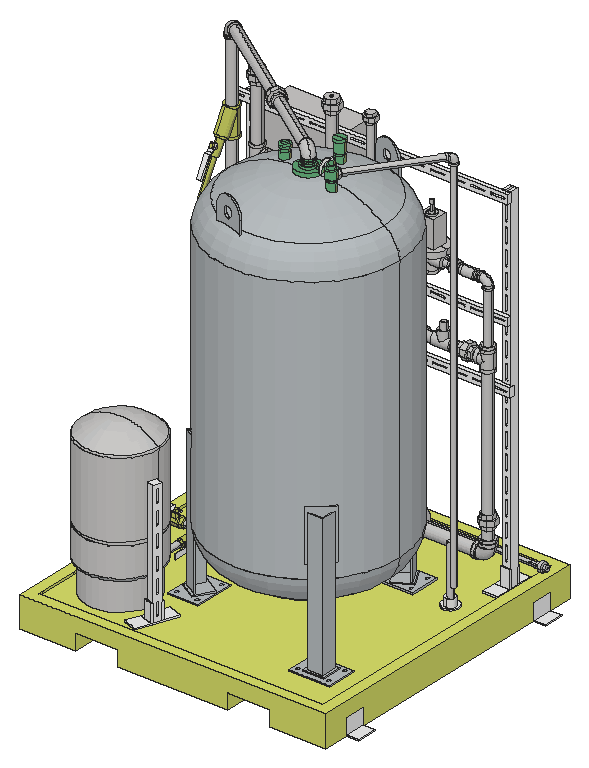
Revit family "Water_Heater-Haws_Corporation-Enclosed_Emergency_Environments_8780", category Plumbing Fixtures, Revit 2018 (continued)
Forms (mm)
  Revolve 34, solid, material "Metal - Haws Corporation - Galvanized Steel" <- "Tubing"
    sketch origin (-363.383, 590.067, 2032) x (-1, 0, 0) y (0, 0, 1)
      axis (-47.799, -860.171) -> (-790.228, -860.171)
    angle from 0 to 360
  Revolve 35, solid, material "Metal - Haws Corporation - Galvanized Steel"
    sketch origin (-363.383, 590.067, 2032) x (-1, 0, 0) y (0, 0, 1)
      loop
        line (-585.497, -468.277) -> (-570.511, -468.277) -> (-570.511, -476.339) -> (-508.535, -476.339) -> (-508.535, -441.754) -> (-585.497, -441.754) -> (-585.497, -468.277)
      loop
        line (-508.535, -308.15) -> (-508.535, -245.834) -> (-516.213, -245.834) -> (-516.213, -261.074) -> (-514.441, -261.074) -> (-514.441, -294.787) -> (-518.764, -294.787) -> (-518.764, -303.426) -> (-532.157, -303.426) -> (-532.157, -308.15) -> (-508.535, -308.15)
      loop
        line (-508.535, -507.595) -> (-535.83, -507.595) -> (-535.83, -552.045) -> (-540.16, -552.045) -> (-540.16, -562.826) -> (-508.535, -562.826) -> (-508.535, -507.595)
      axis (-508.535, -562.826) -> (-508.535, -245.834)
    angle from 0 to 360
  Extrusion 36, solid, material "Metal - Haws Corporation - Galvanized Steel"
    sketch origin (-363.383, 590.067, 2032) x (-1, 0, 0) y (0, 0, 1)
      loop
        line (-547.905, -308.15) -> (-547.905, -441.754) -> (-469.165, -441.754) -> (-469.165, -308.15) -> (-547.905, -308.15)
    from -39.369 to 39.371
  Revolve 37, solid, material "Metal - Haws Corporation - Galvanized Steel" <- "Tubing"
    sketch origin (-363.383, 590.067, 2032) x (-1, 0, 0) y (0, 0, 1)
      loop
        line (-567.978, -771.589) -> (-581.881, -771.589) -> (-581.881, -804.609) -> (-593.822, -804.609) -> (-593.822, -853.821) -> (-567.978, -853.821) -> (-567.978, -771.589)
      axis (-567.978, -853.821) -> (-567.978, -771.589)
    angle from 0 to 360
  Revolve 38, solid, material "Metal - Haws Corporation - Galvanized Steel" <- "Tubing"
    sketch origin (-363.383, 590.067, 2032) x (-1, 0, 0) y (0, 0, 1)
      loop
        line (490.579, 146.526) -> (490.579, -164.757) -> (514.703, -164.757) -> (514.703, 136.868) -> (520.118, 136.868)
        arc (520.118, 136.868) -> (521.04, 137.25) -> (521.422, 138.172) r 1.304
        line (521.422, 138.172) -> (521.422, 145.274)
        arc (521.422, 145.274) -> (521.055, 146.159) -> (520.17, 146.526) r 1.252
        line (520.17, 146.526) -> (490.579, 146.526)
      loop
        line (490.579, -1090.232) -> (514.703, -1090.232) -> (514.703, -310.807) -> (490.579, -310.807) -> (490.579, -1090.232)
      loop
        line (490.579, -1160.082) -> (490.579, -1182.506) -> (520.536, -1182.506)
        arc (520.536, -1182.506) -> (521.25, -1181.958) -> (521.52, -1181.1) r 1.496
        line (521.52, -1181.1) -> (521.52, -1174.131)
        arc (521.52, -1174.131) -> (521.243, -1173.291) -> (520.52, -1172.782) r 1.41
        line (520.52, -1172.782) -> (514.781, -1172.782) -> (514.781, -1160.082) -> (490.579, -1160.082)
      axis (490.579, -1182.506) -> (490.579, 146.526)
    angle from 0 to 360
  Extrusion 39, solid, material "Metal - Haws Corporation - High Polished Stainless Steel" <- "Socket"
    sketch origin (-727.273, 590.616, 2002.993) x (0, 1, 0) y (-1, 0, 0)
      loop
        line (9.448, 40.793) -> (-22.32, 35.382) -> (-40.957, 9.094) -> (-35.546, -22.674) -> (-9.258, -41.311) -> (22.51, -35.9) -> (41.147, -9.612) -> (35.736, 22.156) -> (9.448, 40.793)
    from 22.016 to 47.924
  Extrusion 40, solid, material "Metal - Haws Corporation - High Polished Stainless Steel" <- "Socket"
    sketch origin (-727.273, 590.616, 2028.903) x (0, 1, 0) y (-1, 0, 0)
      loop
        line (-16.73, 26.667) -> (-30.841, 6.883) -> (-26.831, -17.084) -> (-7.047, -31.195) -> (16.92, -27.185) -> (31.031, -7.401) -> (27.021, 16.566) -> (7.237, 30.677) -> (-16.73, 26.667)
    from 22.014 to 44.118
  Extrusion 41, solid, material "Metal - Haws Corporation - High Polished Stainless Steel" <- "Socket"
    sketch origin (-727.273, 590.616, 1980.891) x (0, 1, 0) y (-1, 0, 0)
      loop
        line (-16.73, 26.667) -> (-30.841, 6.883) -> (-26.831, -17.084) -> (-7.047, -31.195) -> (16.92, -27.185) -> (31.031, -7.401) -> (27.021, 16.566) -> (7.237, 30.677) -> (-16.73, 26.667)
    from 22.014 to 44.118
  Extrusion 42, solid, material "Metal - Haws Corporation - High Polished Stainless Steel" <- "Socket"
    sketch origin (-353.575, 590.616, 2002.993) x (0, 1, 0) y (-1, 0, 0)
      loop
        line (9.448, 40.793) -> (-22.32, 35.382) -> (-40.957, 9.094) -> (-35.546, -22.674) -> (-9.258, -41.311) -> (22.51, -35.9) -> (41.147, -9.612) -> (35.736, 22.156) -> (9.448, 40.793)
    from 22.016 to 47.924
  Extrusion 43, solid, material "Metal - Haws Corporation - High Polished Stainless Steel" <- "Socket"
    sketch origin (-353.575, 590.616, 2028.903) x (0, 1, 0) y (-1, 0, 0)
      loop
        line (-16.73, 26.667) -> (-30.841, 6.883) -> (-26.831, -17.084) -> (-7.047, -31.195) -> (16.92, -27.185) -> (31.031, -7.401) -> (27.021, 16.566) -> (7.237, 30.677) -> (-16.73, 26.667)
    from 22.014 to 44.118
  Extrusion 44, solid, material "Metal - Haws Corporation - High Polished Stainless Steel" <- "Socket"
    sketch origin (-353.575, 590.616, 1980.891) x (0, 1, 0) y (-1, 0, 0)
      loop
        line (-16.73, 26.667) -> (-30.841, 6.883) -> (-26.831, -17.084) -> (-7.047, -31.195) -> (16.92, -27.185) -> (31.031, -7.401) -> (27.021, 16.566) -> (7.237, 30.677) -> (-16.73, 26.667)
    from 22.014 to 44.118
  Extrusion 45, solid, material "Metal - Haws Corporation - High Polished Stainless Steel" <- "Socket"
    sketch origin (-846.318, 740.218, 525.539) x (0.19866, 0.980068, 0) y (-0.980068, 0.19866, 0)
      loop
        line (9.448, 40.793) -> (-22.32, 35.382) -> (-40.957, 9.094) -> (-35.546, -22.674) -> (-9.258, -41.311) -> (22.51, -35.9) -> (41.147, -9.612) -> (35.736, 22.156) -> (9.448, 40.793)
    from 22.016 to 47.924
  Extrusion 46, solid, material "Metal - Haws Corporation - High Polished Stainless Steel" <- "Socket"
    sketch origin (-846.318, 740.218, 551.449) x (0.19866, 0.980068, 0) y (-0.980068, 0.19866, 0)
      loop
        line (-16.73, 26.667) -> (-30.841, 6.883) -> (-26.831, -17.084) -> (-7.047, -31.195) -> (16.92, -27.185) -> (31.031, -7.401) -> (27.021, 16.566) -> (7.237, 30.677) -> (-16.73, 26.667)
    from 22.014 to 44.118
  Extrusion 47, solid, material "Metal - Haws Corporation - High Polished Stainless Steel" <- "Socket"
    sketch origin (-846.318, 740.218, 503.436) x (0.19866, 0.980068, 0) y (-0.980068, 0.19866, 0)
      loop
        line (-16.73, 26.667) -> (-30.841, 6.883) -> (-26.831, -17.084) -> (-7.047, -31.195) -> (16.92, -27.185) -> (31.031, -7.401) -> (27.021, 16.566) -> (7.237, 30.677) -> (-16.73, 26.667)
    from 22.014 to 44.118
  Extrusion 48, solid, material "Metal - Haws Corporation - High Polished Stainless Steel" <- "Socket"
    sketch origin (-846.972, 740.502, 1024.141) x (0.181964, 0.983305, 0) y (-0.983305, 0.181964, 0)
      loop
        line (9.448, 40.793) -> (-22.32, 35.382) -> (-40.957, 9.094) -> (-35.546, -22.674) -> (-9.258, -41.311) -> (22.51, -35.9) -> (41.147, -9.612) -> (35.736, 22.156) -> (9.448, 40.793)
    from 22.016 to 47.924
  Extrusion 49, solid, material "Metal - Haws Corporation - High Polished Stainless Steel" <- "Socket"
    sketch origin (-846.972, 740.502, 1050.051) x (0.181964, 0.983305, 0) y (-0.983305, 0.181964, 0)
      loop
        line (-16.73, 26.667) -> (-30.841, 6.883) -> (-26.831, -17.084) -> (-7.047, -31.195) -> (16.92, -27.185) -> (31.031, -7.401) -> (27.021, 16.566) -> (7.237, 30.677) -> (-16.73, 26.667)
    from 22.014 to 44.118
  Extrusion 50, solid, material "Metal - Haws Corporation - High Polished Stainless Steel" <- "Socket"
    sketch origin (-846.972, 740.502, 1002.038) x (0.181964, 0.983305, 0) y (-0.983305, 0.181964, 0)
      loop
        line (-16.73, 26.667) -> (-30.841, 6.883) -> (-26.831, -17.084) -> (-7.047, -31.195) -> (16.92, -27.185) -> (31.031, -7.401) -> (27.021, 16.566) -> (7.237, 30.677) -> (-16.73, 26.667)
    from 22.014 to 44.118
  Extrusion 51, solid, material "Metal - Haws Corporation - High Polished Stainless Steel" <- "Socket"
    sketch origin (-726.729, 740.218, 525.539) x (0.19866, 0.980068, 0) y (-0.980068, 0.19866, 0)
      loop
        line (9.448, 40.793) -> (-22.32, 35.382) -> (-40.957, 9.094) -> (-35.546, -22.674) -> (-9.258, -41.311) -> (22.51, -35.9) -> (41.147, -9.612) -> (35.736, 22.156) -> (9.448, 40.793)
    from 22.016 to 47.924
  Extrusion 52, solid, material "Metal - Haws Corporation - High Polished Stainless Steel" <- "Socket"
    sketch origin (-726.729, 740.218, 551.449) x (0.19866, 0.980068, 0) y (-0.980068, 0.19866, 0)
      loop
        line (-16.73, 26.667) -> (-30.841, 6.883) -> (-26.831, -17.084) -> (-7.047, -31.195) -> (16.92, -27.185) -> (31.031, -7.401) -> (27.021, 16.566) -> (7.237, 30.677) -> (-16.73, 26.667)
    from 22.014 to 44.118
  Extrusion 53, solid, material "Metal - Haws Corporation - High Polished Stainless Steel" <- "Socket"
    sketch origin (-726.729, 740.218, 503.436) x (0.19866, 0.980068, 0) y (-0.980068, 0.19866, 0)
      loop
        line (-16.73, 26.667) -> (-30.841, 6.883) -> (-26.831, -17.084) -> (-7.047, -31.195) -> (16.92, -27.185) -> (31.031, -7.401) -> (27.021, 16.566) -> (7.237, 30.677) -> (-16.73, 26.667)
    from 22.014 to 44.118
  Extrusion 54, solid, material "Metal - Haws Corporation - High Polished Stainless Steel" <- "Socket"
    sketch origin (-727.383, 740.502, 1024.141) x (0.181964, 0.983305, 0) y (-0.983305, 0.181964, 0)
      loop
        line (9.448, 40.793) -> (-22.32, 35.382) -> (-40.957, 9.094) -> (-35.546, -22.674) -> (-9.258, -41.311) -> (22.51, -35.9) -> (41.147, -9.612) -> (35.736, 22.156) -> (9.448, 40.793)
    from 22.016 to 47.924
  Extrusion 55, solid, material "Metal - Haws Corporation - High Polished Stainless Steel" <- "Socket"
    sketch origin (-727.383, 740.502, 1050.051) x (0.181964, 0.983305, 0) y (-0.983305, 0.181964, 0)
      loop
        line (-16.73, 26.667) -> (-30.841, 6.883) -> (-26.831, -17.084) -> (-7.047, -31.195) -> (16.92, -27.185) -> (31.031, -7.401) -> (27.021, 16.566) -> (7.237, 30.677) -> (-16.73, 26.667)
    from 22.014 to 44.118
  Extrusion 56, solid, material "Metal - Haws Corporation - High Polished Stainless Steel" <- "Socket"
    sketch origin (-727.383, 740.502, 1002.038) x (0.181964, 0.983305, 0) y (-0.983305, 0.181964, 0)
      loop
        line (-16.73, 26.667) -> (-30.841, 6.883) -> (-26.831, -17.084) -> (-7.047, -31.195) -> (16.92, -27.185) -> (31.031, -7.401) -> (27.021, 16.566) -> (7.237, 30.677) -> (-16.73, 26.667)
    from 22.014 to 44.118
  Extrusion 57, solid, material "Metal - Haws Corporation - High Polished Stainless Steel" <- "Socket"
    sketch origin (-599.729, 740.218, 525.539) x (0.19866, 0.980068, 0) y (-0.980068, 0.19866, 0)
      loop
        line (9.448, 40.793) -> (-22.32, 35.382) -> (-40.957, 9.094) -> (-35.546, -22.674) -> (-9.258, -41.311) -> (22.51, -35.9) -> (41.147, -9.612) -> (35.736, 22.156) -> (9.448, 40.793)
    from 22.016 to 47.924
  Extrusion 58, solid, material "Metal - Haws Corporation - High Polished Stainless Steel" <- "Socket"
    sketch origin (-599.729, 740.218, 551.449) x (0.19866, 0.980068, 0) y (-0.980068, 0.19866, 0)
      loop
        line (-16.73, 26.667) -> (-30.841, 6.883) -> (-26.831, -17.084) -> (-7.047, -31.195) -> (16.92, -27.185) -> (31.031, -7.401) -> (27.021, 16.566) -> (7.237, 30.677) -> (-16.73, 26.667)
    from 22.014 to 44.118
  Extrusion 59, solid, material "Metal - Haws Corporation - High Polished Stainless Steel" <- "Socket"
    sketch origin (-599.729, 740.218, 503.436) x (0.19866, 0.980068, 0) y (-0.980068, 0.19866, 0)
      loop
        line (-16.73, 26.667) -> (-30.841, 6.883) -> (-26.831, -17.084) -> (-7.047, -31.195) -> (16.92, -27.185) -> (31.031, -7.401) -> (27.021, 16.566) -> (7.237, 30.677) -> (-16.73, 26.667)
    from 22.014 to 44.118
  Extrusion 60, solid, material "Metal - Haws Corporation - High Polished Stainless Steel" <- "Socket"
    sketch origin (-600.383, 740.502, 1024.141) x (0.181964, 0.983305, 0) y (-0.983305, 0.181964, 0)
      loop
        line (9.448, 40.793) -> (-22.32, 35.382) -> (-40.957, 9.094) -> (-35.546, -22.674) -> (-9.258, -41.311) -> (22.51, -35.9) -> (41.147, -9.612) -> (35.736, 22.156) -> (9.448, 40.793)
    from 22.016 to 47.924
  Extrusion 61, solid, material "Metal - Haws Corporation - High Polished Stainless Steel" <- "Socket"
    sketch origin (-600.383, 740.502, 1050.051) x (0.181964, 0.983305, 0) y (-0.983305, 0.181964, 0)
      loop
        line (-16.73, 26.667) -> (-30.841, 6.883) -> (-26.831, -17.084) -> (-7.047, -31.195) -> (16.92, -27.185) -> (31.031, -7.401) -> (27.021, 16.566) -> (7.237, 30.677) -> (-16.73, 26.667)
    from 22.014 to 44.118
  Extrusion 62, solid, material "Metal - Haws Corporation - High Polished Stainless Steel" <- "Socket"
    sketch origin (-600.383, 740.502, 1002.038) x (0.181964, 0.983305, 0) y (-0.983305, 0.181964, 0)
      loop
        line (-16.73, 26.667) -> (-30.841, 6.883) -> (-26.831, -17.084) -> (-7.047, -31.195) -> (16.92, -27.185) -> (31.031, -7.401) -> (27.021, 16.566) -> (7.237, 30.677) -> (-16.73, 26.667)
    from 22.014 to 44.118
  Extrusion 63, solid, material "Metal - Haws Corporation - High Polished Stainless Steel" <- "Socket"
    sketch origin (-26.957, 589.972, 671.589) x (0, 1, 0) y (-1, 0, 0)
      loop
        line (9.448, 40.793) -> (-22.32, 35.382) -> (-40.957, 9.094) -> (-35.546, -22.674) -> (-9.258, -41.311) -> (22.51, -35.9) -> (41.147, -9.612) -> (35.736, 22.156) -> (9.448, 40.793)
    from 22.016 to 47.924
  Extrusion 64, solid, material "Metal - Haws Corporation - High Polished Stainless Steel" <- "Socket"
    sketch origin (-26.957, 589.972, 697.499) x (0, 1, 0) y (-1, 0, 0)
      loop
        line (-16.73, 26.667) -> (-30.841, 6.883) -> (-26.831, -17.084) -> (-7.047, -31.195) -> (16.92, -27.185) -> (31.031, -7.401) -> (27.021, 16.566) -> (7.237, 30.677) -> (-16.73, 26.667)
    from 22.014 to 44.118
  Extrusion 65, solid, material "Metal - Haws Corporation - High Polished Stainless Steel" <- "Socket"
    sketch origin (-26.957, 589.972, 649.486) x (0, 1, 0) y (-1, 0, 0)
      loop
        line (-16.73, 26.667) -> (-30.841, 6.883) -> (-26.831, -17.084) -> (-7.047, -31.195) -> (16.92, -27.185) -> (31.031, -7.401) -> (27.021, 16.566) -> (7.237, 30.677) -> (-16.73, 26.667)
    from 22.014 to 44.118
  Extrusion 66, solid, material "Metal - Haws Corporation - High Polished Stainless Steel" <- "Socket"
    sketch origin (363.256, 589.972, 1171.57) x (0, 1, 0) y (0, 0, -1)
      loop
        line (9.448, 40.793) -> (-22.32, 35.382) -> (-40.957, 9.094) -> (-35.546, -22.674) -> (-9.258, -41.311) -> (22.51, -35.9) -> (41.147, -9.612) -> (35.736, 22.156) -> (9.448, 40.793)
    from 22.016 to 47.924
  Extrusion 67, solid, material "Metal - Haws Corporation - High Polished Stainless Steel" <- "Socket"
    sketch origin (337.346, 589.972, 1171.57) x (0, 1, 0) y (0, 0, -1)
      loop
        line (-16.73, 26.667) -> (-30.841, 6.883) -> (-26.831, -17.084) -> (-7.047, -31.195) -> (16.92, -27.185) -> (31.031, -7.401) -> (27.021, 16.566) -> (7.237, 30.677) -> (-16.73, 26.667)
    from 22.014 to 44.118
  Extrusion 68, solid, material "Metal - Haws Corporation - High Polished Stainless Steel" <- "Socket"
    sketch origin (385.358, 589.972, 1171.57) x (0, 1, 0) y (0, 0, -1)
      loop
        line (-16.73, 26.667) -> (-30.841, 6.883) -> (-26.831, -17.084) -> (-7.047, -31.195) -> (16.92, -27.185) -> (31.031, -7.401) -> (27.021, 16.566) -> (7.237, 30.677) -> (-16.73, 26.667)
    from 22.014 to 44.118
  Extrusion 69, solid, material "Metal - Haws Corporation - High Polished Stainless Steel" <- "Socket"
    sketch origin (115.606, 589.972, 1171.57) x (0, 1, 0) y (0, 0, -1)
      loop
        line (9.448, 40.793) -> (-22.32, 35.382) -> (-40.957, 9.094) -> (-35.546, -22.674) -> (-9.258, -41.311) -> (22.51, -35.9) -> (41.147, -9.612) -> (35.736, 22.156) -> (9.448, 40.793)
    from 22.016 to 47.924
  Extrusion 70, solid, material "Metal - Haws Corporation - High Polished Stainless Steel" <- "Socket"
    sketch origin (89.696, 589.972, 1171.57) x (0, 1, 0) y (0, 0, -1)
      loop
        line (-16.73, 26.667) -> (-30.841, 6.883) -> (-26.831, -17.084) -> (-7.047, -31.195) -> (16.92, -27.185) -> (31.031, -7.401) -> (27.021, 16.566) -> (7.237, 30.677) -> (-16.73, 26.667)
    from 22.014 to 44.118
  Extrusion 71, solid, material "Metal - Haws Corporation - High Polished Stainless Steel" <- "Socket"
    sketch origin (137.708, 589.972, 1171.57) x (0, 1, 0) y (0, 0, -1)
      loop
        line (-16.73, 26.667) -> (-30.841, 6.883) -> (-26.831, -17.084) -> (-7.047, -31.195) -> (16.92, -27.185) -> (31.031, -7.401) -> (27.021, 16.566) -> (7.237, 30.677) -> (-16.73, 26.667)
    from 22.014 to 44.118
  Extrusion 72, solid, material "Metal - Haws Corporation - High Polished Stainless Steel" <- "Socket"
    sketch origin (425.531, 589.972, 415.392) x (0, 1, 0) y (-1, 0, 0)
      loop
        line (9.448, 40.793) -> (-22.32, 35.382) -> (-40.957, 9.094) -> (-35.546, -22.674) -> (-9.258, -41.311) -> (22.51, -35.9) -> (41.147, -9.612) -> (35.736, 22.156) -> (9.448, 40.793)
    from 22.016 to 47.924
  Extrusion 73, solid, material "Metal - Haws Corporation - High Polished Stainless Steel" <- "Socket"
    sketch origin (425.531, 589.972, 441.302) x (0, 1, 0) y (-1, 0, 0)
      loop
        line (-16.73, 26.667) -> (-30.841, 6.883) -> (-26.831, -17.084) -> (-7.047, -31.195) -> (16.92, -27.185) -> (31.031, -7.401) -> (27.021, 16.566) -> (7.237, 30.677) -> (-16.73, 26.667)
    from 22.014 to 44.118
  Extrusion 74, solid, material "Metal - Haws Corporation - High Polished Stainless Steel" <- "Socket"
    sketch origin (425.531, 589.972, 393.289) x (0, 1, 0) y (-1, 0, 0)
      loop
        line (-16.73, 26.667) -> (-30.841, 6.883) -> (-26.831, -17.084) -> (-7.047, -31.195) -> (16.92, -27.185) -> (31.031, -7.401) -> (27.021, 16.566) -> (7.237, 30.677) -> (-16.73, 26.667)
    from 22.014 to 44.118
  Revolve 75, solid, material "Metal - Haws Corporation - Galvanized Steel" <- "Tubing"
    sketch origin (-363.383, 590.067, 2032) x (-1, 0, 0) y (0, 0, 1)
      loop
        line (-10.067, -29.096) -> (-10.067, -652.145) -> (13.746, -652.145) -> (13.746, -525.145) -> (18.83, -525.145) -> (18.83, -502.214) -> (16.539, -502.214) -> (16.539, -494.689) -> (23.33, -482.927) -> (23.33, -466.565) -> (24.448, -466.565) -> (24.448, -459.745)
        arc (24.448, -459.745) -> (24.606, -459.256) -> (25.018, -458.95) r 0.839
        arc (25.018, -458.95) -> (25.531, -458.738) -> (25.743, -458.226) r 0.725
        line (25.743, -458.226) -> (25.743, -451.227)
        arc (25.743, -451.227) -> (25.521, -450.691) -> (24.985, -450.469) r 0.758
        line (24.985, -450.469) -> (19.864, -450.469) -> (19.864, -444.227) -> (18.83, -444.227) -> (18.83, -423.164) -> (13.978, -423.164) -> (13.978, -393.002) -> (21.556, -393.002) -> (21.556, -381.572) -> (19.136, -381.572) -> (19.136, -305.372) -> (21.556, -305.372) -> (21.556, -293.942) -> (13.978, -293.942) -> (13.978, -29.096) -> (-10.067, -29.096)
      axis (-10.067, -652.145) -> (-10.067, -29.096)
    angle from 0 to 360
  Revolve 76, solid, material "Metal - Haws Corporation - Galvanized Steel" <- "Tubing"
    sketch origin (-737.081, 590.067, 2032) x (-1, 0, 0) y (0, 0, 1)
      loop
        line (-10.067, -29.096) -> (-10.067, -1089.343) -> (14.255, -1089.343) -> (14.255, -917.893) -> (21.556, -917.893) -> (21.556, -906.463) -> (19.086, -906.463) -> (19.086, -830.263) -> (21.556, -830.263) -> (21.556, -818.833) -> (13.746, -818.833) -> (13.746, -615.633) -> (18.83, -615.633) -> (18.83, -595.321) -> (19.864, -595.321) -> (19.864, -588.29) -> (24.985, -588.29)
        arc (24.985, -588.29) -> (25.521, -588.068) -> (25.743, -587.533) r 0.758
        line (25.743, -587.533) -> (25.743, -580.534)
        arc (25.743, -580.534) -> (25.531, -580.021) -> (25.018, -579.809) r 0.725
        arc (25.018, -579.809) -> (24.606, -579.503) -> (24.448, -579.014) r 0.839
        line (24.448, -579.014) -> (24.448, -572.194) -> (23.33, -572.194) -> (23.33, -557.053) -> (24.448, -557.053) -> (24.448, -550.232)
        arc (24.448, -550.232) -> (24.606, -549.744) -> (25.018, -549.438) r 0.839
        arc (25.018, -549.438) -> (25.531, -549.226) -> (25.743, -548.713) r 0.725
        line (25.743, -548.713) -> (25.743, -541.714)
        arc (25.743, -541.714) -> (25.521, -541.178) -> (24.985, -540.957) r 0.758
        line (24.985, -540.957) -> (19.864, -540.957) -> (19.864, -534.714) -> (18.83, -534.714) -> (18.83, -513.652) -> (13.978, -513.652) -> (13.978, -393.002) -> (21.556, -393.002) -> (21.556, -381.572) -> (19.136, -381.572) -> (19.136, -305.372) -> (21.556, -305.372) -> (21.556, -293.942) -> (13.978, -293.942) -> (13.978, -29.096) -> (-10.067, -29.096)
      loop
        line (19.55, -1171.893) -> (14.073, -1171.893) -> (14.073, -1158.939) -> (-9.97, -1158.939) -> (-9.97, -1181.454) -> (19.791, -1181.454)
        arc (19.791, -1181.454) -> (20.532, -1181.027) -> (20.824, -1180.224) r 1.25
        line (20.824, -1180.224) -> (20.824, -1173.167)
        arc (20.824, -1173.167) -> (20.451, -1172.266) -> (19.55, -1171.893) r 1.274
      axis (-10.067, -1181.454) -> (-10.067, -29.096)
    angle from 0 to 360
  Revolve 77, solid, material "Metal - Haws Corporation - Galvanized Steel" <- "Tubing"
    sketch origin (-363.383, 590.067, 2032) x (-1, 0, 0) y (0, 0, 1)
      loop
        line (39.463, -319.194) -> (39.463, -311.722) -> (27.933, -311.722) -> (27.933, -314.217) -> (19.089, -314.217) -> (-11.431, -322.969) -> (-11.431, -343.472) -> (217.263, -343.472) -> (217.263, -319.194) -> (185.513, -319.194) -> (185.513, -311.722) -> (160.113, -311.722) -> (160.113, -306.676) -> (83.913, -306.676) -> (83.913, -311.722) -> (58.513, -311.722) -> (58.513, -319.194) -> (39.463, -319.194)
      loop
        line (314.101, -311.722) -> (314.101, -319.194) -> (287.113, -319.194) -> (287.113, -343.472) -> (359.186, -343.472) -> (359.186, -328.13) -> (334.308, -314.34) -> (325.531, -314.34) -> (325.531, -311.722) -> (314.101, -311.722)
      axis (359.186, -343.472) -> (-11.431, -343.472)
    angle from 0 to 360
  Revolve 78, solid, material "Metal - Haws Corporation - Galvanized Steel" <- "Tubing"
    sketch origin (-363.383, 590.067, 2032) x (-1, 0, 0) y (0, 0, 1)
      loop
        line (-287.409, -1246.146) -> (-32.622, -1246.146) -> (-32.622, -1253.68) -> (-21.192, -1253.68) -> (-21.192, -1251.26) -> (55.008, -1251.26) -> (55.008, -1253.68) -> (66.438, -1253.68) -> (66.438, -1246.166) -> (85.488, -1246.166) -> (85.488, -1222.057) -> (-296.931, -1222.057) -> (-296.931, -1251.743)
        arc (-296.931, -1251.743) -> (-296.583, -1252.583) -> (-295.743, -1252.931) r 1.188
        line (-295.743, -1252.931) -> (-288.692, -1252.931)
        arc (-288.692, -1252.931) -> (-287.785, -1252.555) -> (-287.409, -1251.648) r 1.282
        line (-287.409, -1251.648) -> (-287.409, -1246.146)
      loop
        line (155.338, -1246.166) -> (187.101, -1246.166) -> (187.101, -1253.808) -> (198.531, -1253.808) -> (198.531, -1251.277) -> (204.881, -1251.277) -> (223.931, -1243.191) -> (223.931, -1222.057) -> (155.338, -1222.057) -> (155.338, -1246.166)
      axis (-296.931, -1222.057) -> (223.931, -1222.057)
    angle from 0 to 360
  Revolve 79, solid, material "Metal - Haws Corporation - Galvanized Steel" <- "Tubing"
    sketch origin (-363.383, 590.067, 2032) x (-1, 0, 0) y (0, 0, 1)
      loop
        line (-366.276, -1271.333) -> (-360.81, -1271.333) -> (-360.81, -1290.383) -> (-336.685, -1290.383) -> (-336.685, -1261.857) -> (-366.39, -1261.857)
        arc (-366.39, -1261.857) -> (-367.207, -1262.195) -> (-367.545, -1263.012) r 1.155
        line (-367.545, -1263.012) -> (-367.545, -1270.065)
        arc (-367.545, -1270.065) -> (-367.173, -1270.962) -> (-366.276, -1271.333) r 1.268
      loop
        line (-360.806, -1360.5) -> (-360.806, -1364.082) -> (-363.395, -1364.082) -> (-363.395, -1373.607) -> (-353.409, -1373.607) -> (-353.409, -1549.928) -> (-360.955, -1549.928) -> (-360.955, -1553.103) -> (-390.324, -1553.103) -> (-390.324, -1571.565) -> (-393.849, -1571.565) -> (-393.849, -1582.065)
        arc (-393.849, -1582.065) -> (-392.531, -1585.247) -> (-389.349, -1586.565) r 4.5
        line (-389.349, -1586.565) -> (-354.605, -1586.565) -> (-354.605, -1643.715) -> (-354.605, -1669.115) -> (-336.349, -1669.115) -> (-336.349, -1360.5) -> (-360.806, -1360.5)
      axis (-336.349, -1669.115) -> (-336.349, -1261.857)
    angle from 0 to 360
  Revolve 80, solid, material "Metal - Haws Corporation - Brass" <- "BLENDING SYSTEM"
    sketch origin (-863.437, 741.262, 2032) x (1, 0, 0) y (0, 0, 1)
      loop
        line (263.423, -1007.948) -> (263.423, -1189.012) -> (263.423, -1255.103) -> (263.423, -1436.434) -> (287.604, -1436.434) -> (287.604, -1271.334) -> (293.378, -1271.334)
        arc (293.378, -1271.334) -> (294.322, -1270.943) -> (294.712, -1269.999) r 1.335
        line (294.712, -1269.999) -> (294.712, -1256.503)
        arc (294.712, -1256.503) -> (294.303, -1255.513) -> (293.313, -1255.103) r 1.4
        line (293.313, -1255.103) -> (291.56, -1255.103) -> (291.56, -1189.012) -> (293.313, -1189.012)
        arc (293.313, -1189.012) -> (294.303, -1188.602) -> (294.712, -1187.612) r 1.4
        line (294.712, -1187.612) -> (294.712, -1174.116)
        arc (294.712, -1174.116) -> (294.322, -1173.172) -> (293.378, -1172.782) r 1.335
        line (293.378, -1172.782) -> (287.604, -1172.782) -> (287.604, -1007.948) -> (263.423, -1007.948)
      loop
        line (298.006, -1518.984) -> (287.515, -1518.984) -> (287.515, -1506.55) -> (263.981, -1506.55) -> (263.981, -1594.917) -> (293.649, -1594.917)
        arc (293.649, -1594.917) -> (297.971, -1593.127) -> (299.761, -1588.805) r 6.112
        line (299.761, -1588.805) -> (299.761, -1531.934) -> (298.583, -1530.756) -> (293.586, -1530.756) -> (293.586, -1527.62) -> (298.006, -1527.62) -> (298.006, -1518.984)
      loop
        line (298.583, -911.581) -> (299.761, -910.403) -> (299.761, -853.532)
        arc (299.761, -853.532) -> (297.971, -849.21) -> (293.649, -847.42) r 6.112
        line (293.649, -847.42) -> (263.981, -847.42) -> (263.981, -937.832) -> (287.515, -937.832) -> (287.515, -925.132) -> (298.604, -925.132) -> (298.604, -916.496) -> (293.586, -916.496) -> (293.586, -911.581) -> (298.583, -911.581)
      axis (263.423, -847.42) -> (263.423, -1594.917)
    angle from 0 to 360
  Revolve 81, solid, material "Metal - Haws Corporation - Brass" <- "BLENDING SYSTEM"
    sketch origin (-1117.481, 741.262, 2032) x (1, 0, 0) y (0, 0, 1)
      loop
        line (263.423, -1007.948) -> (263.423, -1189.012) -> (263.423, -1255.103) -> (263.423, -1436.434) -> (287.604, -1436.434) -> (287.604, -1271.334) -> (293.378, -1271.334)
        arc (293.378, -1271.334) -> (294.322, -1270.943) -> (294.712, -1269.999) r 1.335
        line (294.712, -1269.999) -> (294.712, -1256.503)
        arc (294.712, -1256.503) -> (294.303, -1255.513) -> (293.313, -1255.103) r 1.4
        line (293.313, -1255.103) -> (291.57, -1255.103) -> (291.57, -1189.012) -> (293.313, -1189.012)
        arc (293.313, -1189.012) -> (294.303, -1188.602) -> (294.712, -1187.612) r 1.4
        line (294.712, -1187.612) -> (294.712, -1174.116)
        arc (294.712, -1174.116) -> (294.322, -1173.172) -> (293.378, -1172.782) r 1.335
        line (293.378, -1172.782) -> (287.604, -1172.782) -> (287.604, -1007.948) -> (263.423, -1007.948)
      loop
        line (298.006, -1518.984) -> (287.515, -1518.984) -> (287.515, -1506.55) -> (263.981, -1506.55) -> (263.981, -1594.917) -> (293.649, -1594.917)
        arc (293.649, -1594.917) -> (297.971, -1593.127) -> (299.761, -1588.805) r 6.112
        line (299.761, -1588.805) -> (299.761, -1531.934) -> (298.583, -1530.756) -> (293.586, -1530.756) -> (293.586, -1527.62) -> (298.006, -1527.62) -> (298.006, -1518.984)
      loop
        line (298.583, -911.581) -> (299.761, -910.403) -> (299.761, -879.795)
        arc (299.761, -879.795) -> (297.971, -875.474) -> (293.649, -873.684) r 6.112
        line (293.649, -873.684) -> (263.981, -873.684) -> (263.981, -937.832) -> (287.515, -937.832) -> (287.515, -925.132) -> (298.604, -925.132) -> (298.604, -916.496) -> (293.586, -916.496) -> (293.586, -911.581) -> (298.583, -911.581)
      axis (263.423, -873.684) -> (263.423, -1594.917)
    angle from 0 to 360
  Revolve 82, solid, material "Metal - Haws Corporation - Brass" <- "BLENDING SYSTEM"
    sketch origin (-994.013, 741.262, 2032) x (1, 0, 0) y (0, 0, 1)
      loop
        line (267, -1007.948) -> (267, -1436.434) -> (291.141, -1436.434) -> (291.141, -1382.459) -> (298.622, -1382.459) -> (298.622, -1371.029) -> (296.239, -1371.029) -> (296.239, -1294.829) -> (298.622, -1294.829) -> (298.622, -1283.399) -> (291.141, -1283.399) -> (291.141, -1270.699) -> (298.622, -1270.699) -> (298.622, -1259.269) -> (296.239, -1259.269) -> (296.239, -1183.069) -> (298.622, -1183.069) -> (298.622, -1171.639) -> (291.141, -1171.639) -> (291.141, -1158.939) -> (298.622, -1158.939) -> (298.622, -1147.509) -> (296.239, -1147.509) -> (296.239, -1071.309) -> (298.622, -1071.309) -> (298.622, -1059.879) -> (291.141, -1059.879) -> (291.141, -1007.948) -> (267, -1007.948)
      loop
        line (299.761, -1518.984) -> (291.069, -1518.984) -> (291.069, -1506.55) -> (267, -1506.55) -> (267, -1594.917) -> (297.208, -1594.917)
        arc (297.208, -1594.917) -> (301.53, -1593.127) -> (303.32, -1588.805) r 6.112
        line (303.32, -1588.805) -> (303.32, -1531.934) -> (302.142, -1530.756) -> (297.08, -1530.756) -> (297.08, -1527.62) -> (299.761, -1527.62) -> (299.761, -1518.984)
      loop
        line (291.141, -937.832) -> (291.141, -923.354) -> (302.135, -923.354) -> (302.135, -914.718) -> (298.65, -914.718) -> (298.65, -911.581) -> (302.14, -911.581) -> (303.341, -910.379) -> (303.341, -889.354) -> (267, -889.354) -> (267, -937.832) -> (291.141, -937.832)
      loop
        line (326.894, -696.302) -> (267, -696.302) -> (267, -776.834) -> (326.894, -776.834) -> (326.894, -696.302)
      loop
        line (324.15, -1733.652) -> (324.15, -1665.503) -> (267, -1665.503) -> (267, -1733.652) -> (324.15, -1733.652)
      axis (267, -696.302) -> (267, -1733.652)
    angle from 0 to 360
  Extrusion 83, solid, material "Metal - Haws Corporation - Brass" <- "BLENDING SYSTEM"
    sketch origin (-863.437, 741.262, 2032) x (1, 0, 0) y (0, 0, 1)
      loop
        line (265.278, -708.685) -> (185.812, -708.685) -> (185.812, -745.592) -> (7.569, -745.592) -> (7.569, -895.528) -> (80.213, -895.528) -> (80.213, -868.694) -> (100.101, -868.694) -> (100.101, -895.528) -> (172.766, -895.528) -> (172.766, -856.564) -> (192.643, -856.564) -> (192.643, -895.528) -> (265.278, -895.528) -> (265.278, -708.685)
      loop
        line (265.278, -1546.809) -> (192.634, -1546.809) -> (192.634, -1651.94) -> (172.745, -1651.94) -> (172.745, -1546.809) -> (100.101, -1546.809) -> (100.101, -1651.94) -> (80.213, -1651.94) -> (80.213, -1546.809) -> (7.569, -1546.809) -> (7.569, -1696.745) -> (75.59, -1696.745) -> (75.59, -1733.652) -> (265.278, -1733.652) -> (265.278, -1546.809)
    from -36.322 to 36.322
  Revolve 84, solid, material "Metal - Haws Corporation - Galvanized Steel" <- "Tubing"
    sketch origin (-600.014, 540.539, 2032) x (0, -1, 0) y (0, 0, 1)
      loop
        line (-11.43, -1192.811) -> (-87.63, -1192.811) -> (-87.63, -1190.435) -> (-99.06, -1190.435) -> (-99.06, -1222.029) -> (129.294, -1222.029) -> (129.294, -1191.837)
        arc (129.294, -1191.837) -> (128.836, -1191.131) -> (128.039, -1190.857) r 1.293
        line (128.039, -1190.857) -> (120.962, -1190.857)
        arc (120.962, -1190.857) -> (120.075, -1191.224) -> (119.708, -1192.111) r 1.254
        line (119.708, -1192.111) -> (119.708, -1197.6) -> (0, -1197.6) -> (0, -1190.435) -> (-11.43, -1190.435) -> (-11.43, -1192.811)
      axis (129.294, -1222.029) -> (-99.06, -1222.029)
    angle from 0 to 360
  Revolve 85, solid, material "Metal - Haws Corporation - Brass" <- "BLENDING SYSTEM"
    sketch origin (-854.014, 540.539, 2032) x (0, -1, 0) y (0, 0, 1)
      loop
        line (-167.678, -1193.917) -> (-175.446, -1193.917) -> (-200.723, -1202.621) -> (-222.813, -1193.917) -> (-233.769, -1193.917) -> (-233.769, -1192.219)
        arc (-233.769, -1192.219) -> (-234.177, -1191.233) -> (-235.163, -1190.825) r 1.394
        line (-235.163, -1190.825) -> (-248.656, -1190.825)
        arc (-248.656, -1190.825) -> (-249.606, -1191.218) -> (-249.999, -1192.168) r 1.343
        line (-249.999, -1192.168) -> (-249.999, -1197.937) -> (-253.848, -1197.937) -> (-253.848, -1192.73) -> (-263.373, -1192.73) -> (-263.373, -1222.029) -> (-89.457, -1222.029) -> (-89.457, -1192.447)
        arc (-89.457, -1192.447) -> (-89.818, -1191.577) -> (-90.688, -1191.216) r 1.231
        line (-90.688, -1191.216) -> (-97.795, -1191.216)
        arc (-97.795, -1191.216) -> (-98.689, -1191.587) -> (-99.06, -1192.481) r 1.265
        line (-99.06, -1192.481) -> (-99.06, -1197.83) -> (-151.447, -1197.83) -> (-151.447, -1192.222)
        arc (-151.447, -1192.222) -> (-151.858, -1191.231) -> (-152.849, -1190.82) r 1.401
        line (-152.849, -1190.82) -> (-166.269, -1190.82)
        arc (-166.269, -1190.82) -> (-167.265, -1191.233) -> (-167.678, -1192.23) r 1.409
        line (-167.678, -1192.23) -> (-167.678, -1193.917)
      axis (-89.457, -1222.029) -> (-263.373, -1222.029)
    angle from 0 to 360
  Revolve 86, solid, material "Metal - Haws Corporation - Brass" <- "BLENDING SYSTEM"
    sketch origin (-725.781, 540.539, 2032) x (0, -1, 0) y (0, 0, 1)
      loop
        line (-167.678, -1193.917) -> (-175.446, -1193.917) -> (-200.723, -1202.621) -> (-200.723, -1222.029) -> (-89.457, -1222.029) -> (-89.457, -1192.447)
        arc (-89.457, -1192.447) -> (-89.818, -1191.577) -> (-90.688, -1191.216) r 1.231
        line (-90.688, -1191.216) -> (-97.795, -1191.216)
        arc (-97.795, -1191.216) -> (-98.689, -1191.587) -> (-99.06, -1192.481) r 1.265
        line (-99.06, -1192.481) -> (-99.06, -1197.83) -> (-151.447, -1197.83) -> (-151.447, -1192.222)
        arc (-151.447, -1192.222) -> (-151.858, -1191.231) -> (-152.849, -1190.82) r 1.401
        line (-152.849, -1190.82) -> (-166.269, -1190.82)
        arc (-166.269, -1190.82) -> (-167.265, -1191.233) -> (-167.678, -1192.23) r 1.409
        line (-167.678, -1192.23) -> (-167.678, -1193.917)
      axis (-89.457, -1222.029) -> (-200.723, -1222.029)
    angle from 0 to 360
  Revolve 87, solid, material "Metal - Haws Corporation - Brass" <- "BLENDING SYSTEM"
    sketch origin (-727.014, 540.793, 1921.1) x (0, -1, 0) y (0, 0, 1)
      loop
        line (-200.723, -1222.029) -> (-200.723, -1202.621) -> (-206.382, -1192.821) -> (-238.612, -1192.821) -> (-238.612, -1190.279) -> (-249.999, -1190.279) -> (-249.999, -1197.937) -> (-253.848, -1197.937) -> (-253.848, -1192.002) -> (-263.373, -1192.002) -> (-263.373, -1222.029) -> (-200.723, -1222.029)
      axis (-200.723, -1222.029) -> (-263.373, -1222.029)
    angle from 0 to 360
  Revolve 88, solid, material "Metal - Haws Corporation - Brass" <- "BLENDING SYSTEM"
    sketch origin (-727.014, 540.793, 2144.592) x (0, -1, 0) y (0, 0, 1)
      loop
        line (-200.723, -1222.029) -> (-200.723, -1202.621) -> (-206.382, -1192.821) -> (-238.612, -1192.821) -> (-238.612, -1190.279) -> (-249.999, -1190.279) -> (-249.999, -1197.937) -> (-253.848, -1197.937) -> (-253.848, -1192.002) -> (-263.373, -1192.002) -> (-263.373, -1222.029) -> (-200.723, -1222.029)
      axis (-200.723, -1222.029) -> (-263.373, -1222.029)
    angle from 0 to 360
  Extrusion 89, solid, material "Metal - Haws Corporation - High Polished Stainless Steel" <- "Socket"
    sketch origin (-727.383, 589.517, 871.874) x (0.181964, 0.983305, 0) y (-0.983305, 0.181964, 0)
      loop
        line (9.448, 40.793) -> (-22.32, 35.382) -> (-40.957, 9.094) -> (-35.546, -22.674) -> (-9.258, -41.311) -> (22.51, -35.9) -> (41.147, -9.612) -> (35.736, 22.156) -> (9.448, 40.793)
    from 22.016 to 47.924
  Extrusion 90, solid, material "Metal - Haws Corporation - High Polished Stainless Steel" <- "Socket"
    sketch origin (-727.383, 589.517, 897.784) x (0.181964, 0.983305, 0) y (-0.983305, 0.181964, 0)
      loop
        line (-16.73, 26.667) -> (-30.841, 6.883) -> (-26.831, -17.084) -> (-7.047, -31.195) -> (16.92, -27.185) -> (31.031, -7.401) -> (27.021, 16.566) -> (7.237, 30.677) -> (-16.73, 26.667)
    from 22.014 to 44.118
  Extrusion 91, solid, material "Metal - Haws Corporation - High Polished Stainless Steel" <- "Socket"
    sketch origin (-727.383, 589.517, 849.772) x (0.181964, 0.983305, 0) y (-0.983305, 0.181964, 0)
      loop
        line (-16.73, 26.667) -> (-30.841, 6.883) -> (-26.831, -17.084) -> (-7.047, -31.195) -> (16.92, -27.185) -> (31.031, -7.401) -> (27.021, 16.566) -> (7.237, 30.677) -> (-16.73, 26.667)
    from 22.014 to 44.118
  Extrusion 92, solid, material "Metal - Haws Corporation - High Polished Stainless Steel" <- "Socket"
    sketch origin (-853.73, 589.517, 871.874) x (0.181964, 0.983305, 0) y (-0.983305, 0.181964, 0)
      loop
        line (9.448, 40.793) -> (-22.32, 35.382) -> (-40.957, 9.094) -> (-35.546, -22.674) -> (-9.258, -41.311) -> (22.51, -35.9) -> (41.147, -9.612) -> (35.736, 22.156) -> (9.448, 40.793)
    from 22.016 to 47.924
  Extrusion 93, solid, material "Metal - Haws Corporation - High Polished Stainless Steel" <- "Socket"
    sketch origin (-853.73, 589.517, 897.784) x (0.181964, 0.983305, 0) y (-0.983305, 0.181964, 0)
      loop
        line (-16.73, 26.667) -> (-30.841, 6.883) -> (-26.831, -17.084) -> (-7.047, -31.195) -> (16.92, -27.185) -> (31.031, -7.401) -> (27.021, 16.566) -> (7.237, 30.677) -> (-16.73, 26.667)
    from 22.014 to 44.118
  Extrusion 94, solid, material "Metal - Haws Corporation - High Polished Stainless Steel" <- "Socket"
    sketch origin (-853.73, 589.517, 849.772) x (0.181964, 0.983305, 0) y (-0.983305, 0.181964, 0)
      loop
        line (-16.73, 26.667) -> (-30.841, 6.883) -> (-26.831, -17.084) -> (-7.047, -31.195) -> (16.92, -27.185) -> (31.031, -7.401) -> (27.021, 16.566) -> (7.237, 30.677) -> (-16.73, 26.667)
    from 22.014 to 44.118
  Extrusion 95, solid, material "Metal - Haws Corporation - High Polished Stainless Steel" <- "Socket"
    sketch origin (-448.96, 590.018, 809.671) x (0, 0.985448, 0.169978) y (0, 0.169978, -0.985448)
      loop
        line (9.448, 40.793) -> (-22.32, 35.382) -> (-40.957, 9.094) -> (-35.546, -22.674) -> (-9.258, -41.311) -> (22.51, -35.9) -> (41.147, -9.612) -> (35.736, 22.156) -> (9.448, 40.793)
    from 22.016 to 47.924
  Extrusion 96, solid, material "Metal - Haws Corporation - High Polished Stainless Steel" <- "Socket"
    sketch origin (-474.87, 590.018, 809.671) x (0, 0.985448, 0.169978) y (0, 0.169978, -0.985448)
      loop
        line (-16.73, 26.667) -> (-30.841, 6.883) -> (-26.831, -17.084) -> (-7.047, -31.195) -> (16.92, -27.185) -> (31.031, -7.401) -> (27.021, 16.566) -> (7.237, 30.677) -> (-16.73, 26.667)
    from 22.014 to 44.118
  Extrusion 97, solid, material "Metal - Haws Corporation - High Polished Stainless Steel" <- "Socket"
    sketch origin (-426.858, 590.018, 809.671) x (0, 0.985448, 0.169978) y (0, 0.169978, -0.985448)
      loop
        line (-16.73, 26.667) -> (-30.841, 6.883) -> (-26.831, -17.084) -> (-7.047, -31.195) -> (16.92, -27.185) -> (31.031, -7.401) -> (27.021, 16.566) -> (7.237, 30.677) -> (-16.73, 26.667)
    from 22.014 to 44.118
  Revolve 98, solid, material "Metal - Haws Corporation - Green Powder Coating"
    sketch origin (12.164, 147.026, 2032) x (-1, 0, 0) y (0, 0, 1)
      loop
        line (-44.163, 112.395) -> (-49.659, 112.395) -> (-49.659, 80.645) -> (-27.508, 80.645) -> (-27.508, 189.499) -> (-55.003, 189.499) -> (-55.003, 178.882) -> (-51.232, 178.882) -> (-51.232, 126.993) -> (-44.163, 126.993) -> (-44.163, 112.395)
      axis (-27.508, 80.645) -> (-27.508, 189.499)
    angle from 0 to 360
  Revolve 99, solid, material "Metal - Haws Corporation - Green Powder Coating"
    sketch origin (-174.81, 39.076, 2032) x (-1, 0, 0) y (0, 0, 1)
      loop
        line (-45.911, 112.395) -> (-50.096, 112.395) -> (-50.096, 72.687) -> (-27.508, 72.687) -> (-27.508, 149.377) -> (-46.882, 149.377)
        arc (-46.882, 149.377) -> (-51.177, 147.598) -> (-52.956, 143.304) r 6.074
        line (-52.956, 143.304) -> (-52.956, 132.506) -> (-45.911, 132.506) -> (-45.911, 112.395)
      axis (-27.508, 72.687) -> (-27.508, 149.377)
    angle from 0 to 360
  Revolve 100, solid, material "Metal - Haws Corporation - Green Powder Coating"
    sketch origin (119.956, -39.534, 2032) x (-1, 0, 0) y (0, 0, 1)
      loop
        line (-44.163, 112.395) -> (-49.659, 112.395) -> (-49.659, 67.945) -> (-27.508, 67.945) -> (-27.508, 210.79) -> (-38.686, 210.79) -> (-38.686, 192.37)
        arc (-38.686, 192.37) -> (-41.049, 188.359) -> (-45.627, 187.511) r 5.613
        line (-45.627, 187.511) -> (-45.627, 171.444) -> (-49.659, 171.444)
        arc (-49.659, 171.444) -> (-52.546, 170.248) -> (-53.741, 167.362) r 4.082
        line (-53.741, 167.362) -> (-53.741, 129.731)
        arc (-53.741, 129.731) -> (-52.546, 126.844) -> (-49.659, 125.649) r 4.082
        line (-49.659, 125.649) -> (-49.659, 118.537) -> (-44.163, 118.537) -> (-44.163, 112.395)
      axis (-27.508, 67.945) -> (-27.508, 210.79)
    angle from 0 to 360
  Revolve 101, solid, material "Metal - Haws Corporation - Galvanized Steel" <- "Tubing"
    sketch origin (-600.014, 540.539, 2032) x (0, -1, 0) y (0, 0, 1)
      loop
        line (168.984, -1359.878) -> (168.984, -1791.738) -> (198.627, -1791.738)
        arc (198.627, -1791.738) -> (199.496, -1791.378) -> (199.855, -1790.509) r 1.228
        line (199.855, -1790.509) -> (199.855, -1783.434)
        arc (199.855, -1783.434) -> (199.48, -1782.528) -> (198.575, -1782.153) r 1.281
        line (198.575, -1782.153) -> (193.072, -1782.153) -> (193.072, -1359.878) -> (168.984, -1359.878)
      loop
        arc (198.575, -1270.978) -> (199.48, -1270.603) -> (199.855, -1269.697) r 1.281
        line (199.855, -1269.697) -> (199.855, -1262.621)
        arc (199.855, -1262.621) -> (199.496, -1261.753) -> (198.627, -1261.393) r 1.228
        line (198.627, -1261.393) -> (168.984, -1261.393) -> (168.984, -1290.028) -> (193.072, -1290.028) -> (193.072, -1270.978) -> (198.575, -1270.978)
      axis (168.984, -1791.738) -> (168.984, -1261.393)
    angle from 0 to 360
  Revolve 102, solid, material "Metal - Haws Corporation - Galvanized Steel" <- "Tubing"
    sketch origin (-72.532, 757.709, 2032) x (0, -1, 0) y (0, 0, 1)
      loop
        line (130.048, -485.763) -> (120.587, -485.763) -> (120.587, -489.374) -> (4.328, -489.374)
        arc (4.328, -489.374) -> (3.451, -489.737) -> (3.088, -490.614) r 1.24
        line (3.088, -490.614) -> (0.003, -490.614)
        arc (0.003, -490.614) -> (-0.403, -489.733) -> (-1.304, -489.374) r 1.308
        line (-1.304, -489.374) -> (-5.384, -489.374)
        arc (-5.384, -489.374) -> (-6.123, -489.572) -> (-6.664, -490.113) r 1.479
        line (-6.664, -490.113) -> (-6.664, -505.249) -> (31.037, -505.249) -> (167.005, -505.249) -> (167.005, -483.451) -> (130.048, -483.451) -> (130.048, -485.763)
      axis (167.005, -505.249) -> (-6.664, -505.249)
    angle from 0 to 360
  Revolve 103, solid, material "Metal - Haws Corporation - Galvanized Steel" <- "Tubing"
    sketch origin (-72.532, 757.709, 2032) x (0, -1, 0) y (0, 0, 1)
      loop
        line (-18.409, -534.378) -> (-14.859, -534.378)
        arc (-14.859, -534.378) -> (-13.782, -533.932) -> (-13.335, -532.854) r 1.524
        line (-13.335, -532.854) -> (-13.335, -529.015)
        arc (-13.335, -529.015) -> (-13.536, -528.267) -> (-14.084, -527.719) r 1.497
        line (-14.084, -527.719) -> (-29.21, -527.719) -> (-29.21, -1815.586) -> (-14.094, -1815.586)
        arc (-14.094, -1815.586) -> (-13.545, -1815.031) -> (-13.345, -1814.277) r 1.517
        line (-13.345, -1814.277) -> (-13.328, -1810.459)
        arc (-13.328, -1810.459) -> (-13.776, -1809.376) -> (-14.859, -1808.928) r 1.531
        line (-14.859, -1808.928) -> (-18.48, -1808.928) -> (-18.48, -659.578) -> (-16.21, -659.578) -> (-16.21, -643.245) -> (-9.304, -643.245) -> (-9.304, -626.911) -> (-16.21, -626.911) -> (-16.21, -610.578) -> (-18.409, -610.578) -> (-18.409, -534.378)
      axis (-29.21, -527.719) -> (-29.21, -1815.586)
    angle from 0 to 360
  Revolve 104, solid, material "Metal - Haws Corporation - Galvanized Steel" <- "Tubing"
    sketch origin (1765.606, 757.709, 193.962) x (0, -1, 0) y (1, 0, 0)
      loop
        line (-29.21, -1201.128) -> (-29.21, -1815.586) -> (-14.094, -1815.586)
        arc (-14.094, -1815.586) -> (-13.545, -1815.031) -> (-13.345, -1814.277) r 1.517
        line (-13.345, -1814.277) -> (-13.328, -1810.459)
        arc (-13.328, -1810.459) -> (-13.776, -1809.376) -> (-14.859, -1808.928) r 1.531
        line (-14.859, -1808.928) -> (-18.48, -1808.928) -> (-18.48, -1250.128) -> (-16.21, -1250.128) -> (-16.21, -1233.795) -> (-7.347, -1233.795) -> (-7.347, -1217.461) -> (-16.21, -1217.461) -> (-16.21, -1201.128) -> (-29.21, -1201.128)
      axis (-29.21, -1201.128) -> (-29.21, -1815.586)
    angle from 0 to 360
  Revolve 105, solid, material "Metal - Haws Corporation - Galvanized Steel" <- "Tubing"
    sketch origin (-805.116, -4572, 2177.464) x (0, -1, 0) y (1, 0, 0)
      loop
        line (-4553.61, 983.527) -> (-4904.719, 1229.377) -> (-4901.404, 1234.111) -> (-4905.565, 1237.025) -> (-4916.492, 1221.42) -> (-4536.416, 955.287) -> (-4525.097, 971.452) -> (-4548.823, 988.065)
        arc (-4548.823, 988.065) -> (-4549.808, 988.284) -> (-4550.659, 987.742) r 1.319
        line (-4550.659, 987.742) -> (-4553.61, 983.527)
      axis (-4536.416, 955.287) -> (-4916.492, 1221.42)
    angle from 0 to 360
  Revolve 106, solid, material "Metal - Haws Corporation - Galvanized Steel" <- "Tubing"
    sketch origin (413.43, 367.753, 2032) x (-1, 0, 0) y (0, 0, 1)
      loop
        line (-38.095, 117.33) -> (-38.095, 112.25) -> (-32.694, 112.25) -> (-32.694, -1778.418) -> (-19.045, -1778.418) -> (-19.045, 117.33) -> (-38.095, 117.33)
      axis (-19.045, 117.33) -> (-19.045, -1778.418)
    angle from 0 to 360
  Extrusion 107, solid, material "Metal - Haws Corporation - Polished Chrome" <- "Bracket"
    sketch origin (506.283, 756.026, 149.861) x (0, 0, 1) y (0, -1, 0)
      loop
        line (0, 129.381) -> (0, 203.2) -> (-6.35, 203.2) -> (-6.35, -0.762) -> (0, -0.762) -> (0, 73.057) -> (0, 129.381)
    from 0 to -76.454
  Extrusion 108, solid, material "Metal - Haws Corporation - Polished Chrome" <- "Bracket"
    sketch origin (506.283, 756.788, 149.861) x (0, -1, 0) y (1, 0, 0)
      loop
        line (130.143, -0.127) -> (122.206, -0.127) -> (122.206, -41.402) -> (80.931, -41.402) -> (80.931, -0.127) -> (74.581, -0.127) -> (74.581, -48.514) -> (130.143, -48.514) -> (130.143, -0.127)
    from 0 to 89.306
  Extrusion 109, solid, material "Metal - Haws Corporation - Polished Chrome" <- "Bracket"
    sketch origin (-374.095, -335.735, 152.874) x (0, 0, 1) y (-0.34202, -0.939693, 0)
      loop
        line (-3.013, 129.381) -> (-3.013, 203.2) -> (-9.363, 203.2) -> (-9.363, -0.762) -> (-3.013, -0.762) -> (-3.013, 73.057) -> (-3.013, 129.381)
    from 0 to -76.454
  Extrusion 110, solid, material "Metal - Haws Corporation - Polished Chrome" <- "Bracket"
    sketch origin (-373.834, -335.019, 149.861) x (-0.34202, -0.939693, 0) y (0.939693, -0.34202, 0)
      loop
        line (130.143, -0.127) -> (122.206, -0.127) -> (122.206, -41.402) -> (80.931, -41.402) -> (80.931, -0.127) -> (74.581, -0.127) -> (74.581, -48.514) -> (130.143, -48.514) -> (130.143, -0.127)
    from 0 to 86.293
  Extrusion 111, solid, material "Metal - Haws Corporation - Polished Chrome" <- "Bracket"
    sketch origin (-644.813, 675.984, 152.874) x (0, 0, 1) y (1, 0, 0)
      loop
        line (-3.013, 129.381) -> (-3.013, 203.2) -> (-9.363, 203.2) -> (-9.363, -0.762) -> (-3.013, -0.762) -> (-3.013, 73.057) -> (-3.013, 129.381)
    from 0 to -76.454
  Extrusion 112, solid, material "Metal - Haws Corporation - Polished Chrome" <- "Bracket"
    sketch origin (-645.575, 675.984, 149.861) x (1, 0, 0) y (0, 1, 0)
      loop
        line (130.143, -0.127) -> (122.206, -0.127) -> (122.206, -41.402) -> (80.931, -41.402) -> (80.931, -0.127) -> (74.581, -0.127) -> (74.581, -48.514) -> (130.143, -48.514) -> (130.143, -0.127)
    from 0 to 86.293
  Extrusion 113, solid, material "Metal - Haws Corporation - Polished Chrome" <- "Bracket"
    sketch origin (-815.533, 553.588, 152.874) x (0, 0, 1) y (0, 1, 0)
      loop
        line (-3.013, 129.381) -> (-3.013, 203.2) -> (-9.363, 203.2) -> (-9.363, -0.762) -> (-3.013, -0.762) -> (-3.013, 73.057) -> (-3.013, 129.381)
    from 0 to -76.454
  Extrusion 114, solid, material "Metal - Haws Corporation - Polished Chrome" <- "Bracket"
    sketch origin (-815.533, 552.826, 149.861) x (0, 1, 0) y (-1, 0, 0)
      loop
        line (130.143, -0.127) -> (122.206, -0.127) -> (122.206, -41.402) -> (80.931, -41.402) -> (80.931, -0.127) -> (74.581, -0.127) -> (74.581, -48.514) -> (130.143, -48.514) -> (130.143, -0.127)
    from 0 to 86.293
  Extrusion 115, solid, material "Metal - Haws Corporation - Polished Chrome" <- "Bracket"
    sketch origin (-519.115, 413.126, 152.874) x (0, 0, 1) y (0, -1, 0)
      loop
        line (-3.013, 129.381) -> (-3.013, 203.2) -> (-9.363, 203.2) -> (-9.363, -0.762) -> (-3.013, -0.762) -> (-3.013, 73.057) -> (-3.013, 129.381)
    from 0 to -76.454
  Extrusion 116, solid, material "Metal - Haws Corporation - Polished Chrome" <- "Bracket"
    sketch origin (-519.115, 413.888, 149.861) x (0, -1, 0) y (1, 0, 0)
      loop
        line (130.143, -0.127) -> (122.206, -0.127) -> (122.206, -41.402) -> (80.931, -41.402) -> (80.931, -0.127) -> (74.581, -0.127) -> (74.581, -48.514) -> (130.143, -48.514) -> (130.143, -0.127)
    from 0 to 86.293
  Extrusion 117, solid, material "Metal - Haws Corporation - High Polished Stainless Steel" <- "Socket"
    sketch origin (-580.735, 590.018, 1688.175) x (0, 0.985448, 0.169978) y (0, 0.169978, -0.985448)
      loop
        line (9.448, 40.793) -> (-22.32, 35.382) -> (-40.957, 9.094) -> (-35.546, -22.674) -> (-9.258, -41.311) -> (22.51, -35.9) -> (41.147, -9.612) -> (35.736, 22.156) -> (9.448, 40.793)
    from 22.016 to 47.924
  Extrusion 118, solid, material "Metal - Haws Corporation - High Polished Stainless Steel" <- "Socket"
    sketch origin (-606.645, 590.018, 1688.175) x (0, 0.985448, 0.169978) y (0, 0.169978, -0.985448)
      loop
        line (-16.73, 26.667) -> (-30.841, 6.883) -> (-26.831, -17.084) -> (-7.047, -31.195) -> (16.92, -27.185) -> (31.031, -7.401) -> (27.021, 16.566) -> (7.237, 30.677) -> (-16.73, 26.667)
    from 22.014 to 44.118
  Extrusion 119, solid, material "Metal - Haws Corporation - High Polished Stainless Steel" <- "Socket"
    sketch origin (-558.633, 590.018, 1688.175) x (0, 0.985448, 0.169978) y (0, 0.169978, -0.985448)
      loop
        line (-16.73, 26.667) -> (-30.841, 6.883) -> (-26.831, -17.084) -> (-7.047, -31.195) -> (16.92, -27.185) -> (31.031, -7.401) -> (27.021, 16.566) -> (7.237, 30.677) -> (-16.73, 26.667)
    from 22.014 to 44.118
  Extrusion 120, solid, material "Metal - Haws Corporation - High Polished Stainless Steel" <- "Socket"
    sketch origin (273.587, 619.437, 1497.463) x (0, 0, 1) y (0, -1, 0)
      loop
        line (41.534, 58.737) -> (17.204, 58.737) -> (0.465, 41.999) -> (0.465, 16.739) -> (17.204, 0) -> (41.534, 0) -> (58.737, 17.204) -> (58.737, 41.534) -> (41.534, 58.737)
    from 0 to -20.637
  Extrusion 121, solid, material "Metal - Haws Corporation - High Polished Stainless Steel" <- "Socket"
    sketch origin (286.383, 609.515, 1546.279) x (0, 1, 0) y (0, 0, 1)
      loop
        line (-42.91, -19.447) -> (-31.179, -39.767) -> (-7.715, -39.767) -> (4.017, -19.447) -> (-7.715, 0.873) -> (-31.179, 0.873) -> (-42.91, -19.447)
    from 0 to -12.795
  Extrusion 122, solid, material "Metal - Haws Corporation - High Polished Stainless Steel" <- "Socket"
    sketch origin (252.95, 609.515, 1546.279) x (0, 1, 0) y (0, 0, 1)
      loop
        line (-42.91, -19.447) -> (-31.179, -39.767) -> (-7.715, -39.767) -> (4.017, -19.447) -> (-7.715, 0.873) -> (-31.179, 0.873) -> (-42.91, -19.447)
    from 0 to -13.405
  Extrusion 123, solid, material "Metal - Haws Corporation - High Polished Stainless Steel" <- "Socket"
    sketch origin (37.964, 619.437, 1497.463) x (0, 0, 1) y (0, -1, 0)
      loop
        line (41.534, 58.737) -> (17.204, 58.737) -> (0.465, 41.999) -> (0.465, 16.739) -> (17.204, 0) -> (41.534, 0) -> (58.737, 17.204) -> (58.737, 41.534) -> (41.534, 58.737)
    from 0 to -20.637
  Extrusion 124, solid, material "Metal - Haws Corporation - High Polished Stainless Steel" <- "Socket"
    sketch origin (50.759, 609.515, 1546.279) x (0, 1, 0) y (0, 0, 1)
      loop
        line (-42.91, -19.447) -> (-31.179, -39.767) -> (-7.715, -39.767) -> (4.017, -19.447) -> (-7.715, 0.873) -> (-31.179, 0.873) -> (-42.91, -19.447)
    from 0 to -12.795
  Extrusion 125, solid, material "Metal - Haws Corporation - High Polished Stainless Steel" <- "Socket"
    sketch origin (17.327, 609.515, 1546.279) x (0, 1, 0) y (0, 0, 1)
      loop
        line (-42.91, -19.447) -> (-31.179, -39.767) -> (-7.715, -39.767) -> (4.017, -19.447) -> (-7.715, 0.873) -> (-31.179, 0.873) -> (-42.91, -19.447)
    from 0 to -13.405
  Extrusion 126, solid, material "Metal - Haws Corporation - High Polished Stainless Steel" <- "Socket"
    sketch origin (-600.875, 371.535, 671.944) x (0.321403, 0.946943, 0) y (-0.946943, 0.321403, 0)
      loop
        line (9.448, 40.793) -> (-22.32, 35.382) -> (-40.957, 9.094) -> (-35.546, -22.674) -> (-9.258, -41.311) -> (22.51, -35.9) -> (41.147, -9.612) -> (35.736, 22.156) -> (9.448, 40.793)
    from 22.016 to 47.924
  Extrusion 127, solid, material "Metal - Haws Corporation - High Polished Stainless Steel" <- "Socket"
    sketch origin (-600.875, 371.535, 697.854) x (0.321403, 0.946943, 0) y (-0.946943, 0.321403, 0)
      loop
        line (-16.73, 26.667) -> (-30.841, 6.883) -> (-26.831, -17.084) -> (-7.047, -31.195) -> (16.92, -27.185) -> (31.031, -7.401) -> (27.021, 16.566) -> (7.237, 30.677) -> (-16.73, 26.667)
    from 22.014 to 44.118
  Extrusion 128, solid, material "Metal - Haws Corporation - High Polished Stainless Steel" <- "Socket"
    sketch origin (-600.875, 371.535, 649.842) x (0.321403, 0.946943, 0) y (-0.946943, 0.321403, 0)
      loop
        line (-16.73, 26.667) -> (-30.841, 6.883) -> (-26.831, -17.084) -> (-7.047, -31.195) -> (16.92, -27.185) -> (31.031, -7.401) -> (27.021, 16.566) -> (7.237, 30.677) -> (-16.73, 26.667)
    from 22.014 to 44.118
  Revolve 129, solid, material "Metal - Haws Corporation - Galvanized Steel" <- "Tubing"
    sketch origin (377.018, 393.249, 2032) x (-1, 0, 0) y (0, 0, 1)
      loop
        line (-32.694, -1888.489) -> (-19.045, -1888.489) -> (-19.045, -1597.237)
        arc (-19.045, -1597.237) -> (-26.284, -1598.583) -> (-32.694, -1602.205) r 22.38
        line (-32.694, -1602.205) -> (-32.694, -1888.489)
      axis (-19.045, -1597.237) -> (-19.045, -1888.489)
    angle from 0 to 360
  Extrusion 130, solid, material "Metal - Haws Corporation - Polished Chrome" <- "Bracket"
    sketch origin (394.763, 393.993, 182.372) x (0, 1, 0) y (-1, 0, 0)
      loop
        circle (-0.144, 0.313) r 41.173
    from -38.861 to -35.56
  Extrusion 131, solid, material "Metal - Haws Corporation - Polished Chrome" <- "Bracket"
    sketch origin (394.763, 393.993, 182.372) x (0, 1, 0) y (-1, 0, 0)
      loop
        circle (-0.144, -0.017) r 25.4
    from 0 to -35.56
  Revolve 132, solid, material "Metal - Haws Corporation - Galvanized Steel" <- "Tubing"
    sketch origin (-247.803, -4572, 200.571) x (0, -1, 0) y (1, 0, 0)
      loop
        line (-4631.522, 223.906) -> (-4631.522, 247.803) -> (-4805.419, 247.803) -> (-4805.419, 223.906) -> (-4631.522, 223.906)
      loop
        line (-4894.33, 219.301) -> (-4884.754, 219.301) -> (-4884.754, 223.964) -> (-4875.229, 223.964) -> (-4875.229, 247.803) -> (-4903.82, 247.803) -> (-4903.82, 218.347)
        arc (-4903.82, 218.347) -> (-4903.464, 217.487) -> (-4902.605, 217.132) r 1.215
        line (-4902.605, 217.132) -> (-4895.509, 217.132)
        arc (-4895.509, 217.132) -> (-4894.676, 217.477) -> (-4894.33, 218.31) r 1.179
        line (-4894.33, 218.31) -> (-4894.33, 219.301)
      axis (-4631.522, 247.803) -> (-4903.82, 247.803)
    angle from 0 to 360
  Revolve 133, solid, material "Metal - Haws Corporation - Galvanized Steel" <- "Tubing"
    sketch origin (394.763, 393.993, 200.577) x (0, 1, 0) y (-1, 0, 0)
      loop
        line (8.412, 435.479) -> (8.412, 442.546)
        arc (8.412, 442.546) -> (8.041, 443.44) -> (7.147, 443.811) r 1.265
